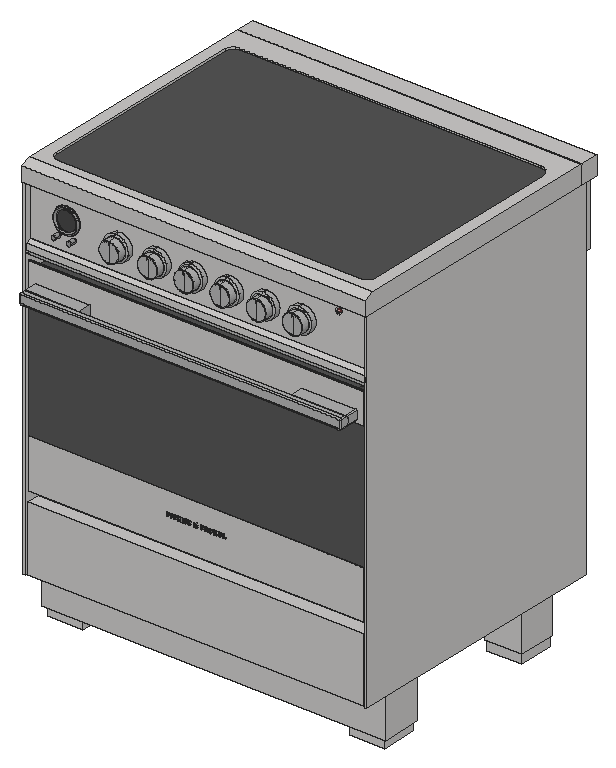
Revit family "FP_Revit_18_OR30SDI6X1_Range_90001010A", category Specialty Equipment, Revit 2018
Family settings
  Round Connector Dimension = Use Diameter
  Part Type = Normal
  OmniClass Number = 23.40.40.14.17.17
  OmniClass Title = Ranges
  Work Plane-Based = No
  Always vertical = Yes
  Cut with Voids When Loaded = Yes
  Shared = No
  Room Calculation Point = No
Parameters
  Visibility - Toe Kick Panel (Optional) = yes
  Visibility - Rear Trim 3"/76mm (Optional) = no
  Visibility - Rear Trim (Supplied) = yes
  Visibility - Clearance Required = yes
  Visibility - Adjustable Feet Covers = yes
  URL = "www.fisherpaykel.com"
  Product - Width = 759 mm  # constant formula
  Product - Height = 915 mm  # constant formula
  Product - Depth = 679.1 mm  # constant formula
  Optional - Toe Kick Panel = "KICKOR30X1"
  Optional - Rear Trim = "TKOR306X1"
  Model = "OR30SDI6X1"
  Material - Trim = Fisher & Paykel - Steel, Chrome Plated
  Material - Handle = Fisher & Paykel - Aluminium
  Material - Glass = Fisher & Paykel - Glass, Black
  Material - Door Front = Fisher & Paykel - Stainless Steel
  Material - Cooktop = Fisher & Paykel - Glass, Black
  Material - Buttons and Dials = Fisher & Paykel - Aluminium
  Material - Body = Fisher & Paykel - Stainless Steel
  Manufacturer = "Fisher & Paykel Appliances"
  Keynote = ""
  Description = "30\" Contemporary Freestanding Induction Range (Stainless)"
  Countertop Height (min 908mm - max 933mm) = 915 mm
  Connector Description - Electrical = "120/208 V or 120/240 V, 60 Hz, 40 A, *NEC Calculated load (50 A, Fused electrical supply)"
  Clearance - Side Non-Combustible = 0 mm  # constant formula
  Clearance - Side Combustible = 50 mm  # constant formula
  Clearance - Rear Non-Combustible = 0 mm  # constant formula
  Clearance - Rear Combustible = 50 mm  # constant formula
  Clearance - Overhead Rangehood = 610 mm  # constant formula
  Clearance - Overhead Non-Combustible = 610 mm  # constant formula
  Clearance - Overhead Combustible = 762 mm  # constant formula
  Chassis - Width = 759 mm  # constant formula
  Chassis - Height = 816 mm  # constant formula
  Chassis - Depth = 638 mm  # constant formula
  Cavity - Width = 762 mm  # constant formula
  Cavity - Height = 0 mm  # constant formula
  Cavity - Depth = 641 mm  # constant formula
Reference planes
  plane 1 "Datum": y = 0
  plane 2: z = 0
  plane 3 "Center (Left/Right)": x = 0
  plane 4 "Product Height": z = 923
  plane 5 "Product LHS": x = -379.5
  plane 6 "Product RHS": x = 379.5
  plane 7 "Cavity LHS": x = -381
  plane 8 "Cavity RHS": x = 381
  plane 9 "Product Depth": y = 638
  plane 10 "Cavity Depth": y = 641
  plane 11 "Dials": z = 820.4
  plane 12 "Countertop Height": z = 915
Forms (mm)
  Extrusion 1, solid, material "Fisher & Paykel - Stainless Steel" <- "Material - Body"
    sketch origin (0, 0, 0) x (0, 1, 0) y (0, 0, 1)
      loop
        line (50.7, 883) -> (50.7, 107) -> (603, 107) -> (603, 883) -> (50.7, 883)
    from -374 to 374
  Extrusion 2, solid, material "Fisher & Paykel - Stainless Steel" <- "Material - Body"
    sketch origin (0, 0, 0) x (0, 1, 0) y (0, 0, 1)
      loop
        line (12.5, 883) -> (12.5, 768) -> (50.7, 768) -> (50.7, 883) -> (12.5, 883)
    from -374 to 374
  Extrusion 3, solid, material "Fisher & Paykel - Stainless Steel" <- "Material - Body"
    sketch origin (0, 0, 0) x (0, 1, 0) y (0, 0, 1)
      loop
        line (32, 250.4) -> (2, 250.4) -> (2, 107) -> (32, 107) -> (32, 250.4)
    from -370 to 370
  Extrusion 4, solid, material "Fisher & Paykel - Clearance Required", visible <- "Visibility - Clearance Required", detail levels coarse
    sketch origin (0, 0, 0) x (0, 1, 0) y (0, 0, 1)
      loop
        line (0, 273.2) -> (0, 727.091)
        arc (0, 727.091) -> (-320.949, 594.149) -> (-453.891, 273.2) r 453.891
        line (-453.891, 273.2) -> (0, 273.2)
    from -381 to 381
  Extrusion 5, solid, material "Fisher & Paykel - Clearance Required", visible <- "Visibility - Clearance Required", detail levels coarse
    sketch origin (0, 0, 0) x (0, 1, 0) y (0, 0, 1)
      loop
        line (641, 0) -> (641, 923) -> (0, 923) -> (0, 0) -> (641, 0)
    from -381 to 381
  Extrusion 6, solid, material "Fisher & Paykel - Clearance Required (Combustible)", visible <- "Visibility - Clearance Required", detail levels coarse
    sketch origin (0, 0, 0) x (1, 0, 0) y (0, 1, 0)
      loop
        line (-381, 0) -> (-381, 641) -> (381, 641) -> (381, 0) -> (431, 0) -> (431, 691) -> (-431, 691) -> (-431, 0) -> (-381, 0)
    from 923 to 1380
  Extrusion 7, solid, material "Fisher & Paykel - Clearance Required (Non-Combustible)", visible <- "Visibility - Clearance Required", detail levels coarse
    sketch origin (0, 0, 0) x (1, 0, 0) y (0, 1, 0)
      loop
        line (-381, 0) -> (381, 0) -> (381, 641) -> (-381, 641) -> (-381, 0)
    from 923 to 1533
  Extrusion 8, solid, material "Fisher & Paykel - Clearance Required (Combustible)", visible <- "Visibility - Clearance Required", detail levels coarse
    sketch origin (0, 0, 0) x (1, 0, 0) y (0, 1, 0)
      loop
        line (381, 641) -> (-381, 641) -> (-381, 0) -> (381, 0) -> (381, 641)
    from 1533 to 1685
  Extrusion 9, solid, material "Fisher & Paykel - Clearance Required (Combustible)", visible <- "Visibility - Clearance Required", detail levels coarse
    sketch origin (0, 0, 0) x (1, 0, 0) y (0, 1, 0)
      loop
        line (-431, 0) -> (-381, 0) -> (-381, 311) -> (-431, 311) -> (-431, 0)
      loop
        line (431, 0) -> (431, 311) -> (381, 311) -> (381, 0) -> (431, 0)
    from 1685 to 1380
  Extrusion 10, solid, material "Fisher & Paykel - Stainless Steel" <- "Material - Body"
    sketch origin (0, 0, 0) x (0, 1, 0) y (0, 0, 1)
      loop
        line (0, 883) -> (0, 107) -> (603, 107) -> (603, 883) -> (0, 883)
    from 374 to 379.5
  Extrusion 11, solid, material "Fisher & Paykel - Stainless Steel" <- "Material - Body"
    sketch origin (0, 0, 0) x (0, 1, 0) y (0, 0, 1)
      loop
        line (0, 883) -> (0, 107) -> (603, 107) -> (603, 883) -> (0, 883)
    from -379.5 to -374
  Extrusion 12, solid, material "Fisher & Paykel - Stainless Steel" <- "Material - Body"
    sketch origin (0, 0, 0) x (0, 1, 0) y (0, 0, 1)
      loop
        line (1.349, 748) -> (50.7, 748) -> (50.7, 768) -> (12.5, 768) -> (1.349, 761.562) -> (1.349, 748)
    from -374 to 374
  Extrusion 13, solid, material "Fisher & Paykel - Steel, Chrome Plated" <- "Material - Trim", detail levels fine
    sketch origin (0, 0, 0) x (0, 1, 0) y (0, 0, 1)
      loop
        line (1.349, 743.1) -> (1.349, 741.5) -> (50.7, 741.5) -> (50.7, 743.1) -> (1.349, 743.1)
    from -374 to 374
  Extrusion 14, solid, material "Fisher & Paykel - Stainless Steel" <- "Material - Body"
    sketch origin (0, 0, 0) x (0, 1, 0) y (0, 0, 1)
      loop
        line (-3, 914.9) -> (-3, 883) -> (592, 883) -> (592, 923) -> (17.048, 923) -> (-3, 914.9)
    from -379.5 to 379.5
  Extrusion 15, solid, material "Fisher & Paykel - Stainless Steel" <- "Material - Body", visible <- "Visibility - Adjustable Feet Covers"
    sketch origin (0, 0, 0) x (1, 0, 0) y (0, 1, 0)
      loop
        line (-292.2, 137.7) -> (-374, 137.7) -> (-374, 55.7) -> (-292.2, 55.7) -> (-292.2, 137.7)
      loop
        line (-292.2, 516) -> (-374, 516) -> (-374, 434.3) -> (-292.2, 434.3) -> (-292.2, 516)
      loop
        line (292.2, 137.7) -> (292.2, 55.7) -> (374, 55.7) -> (374, 137.7) -> (292.2, 137.7)
      loop
        line (292.2, 516) -> (292.2, 434.3) -> (374, 434.3) -> (374, 516) -> (292.2, 516)
    from 21.3 to 107
  Extrusion 16, solid, material "Fisher & Paykel - Stainless Steel" <- "Material - Body", visible <- "Visibility - Adjustable Feet Covers"
    sketch origin (0, 0, 0) x (1, 0, 0) y (0, 1, 0)
      loop
        line (-294.2, 514.3) -> (-372.3, 514.3) -> (-372.3, 436.2) -> (-294.2, 436.2) -> (-294.2, 514.3)
      loop
        line (-294.2, 135.8) -> (-372.3, 135.8) -> (-372.3, 57.7) -> (-294.2, 57.7) -> (-294.2, 135.8)
      loop
        line (294.2, 514.3) -> (294.2, 436.2) -> (372.3, 436.2) -> (372.3, 514.3) -> (294.2, 514.3)
      loop
        line (294.2, 135.8) -> (294.2, 57.7) -> (372.3, 57.7) -> (372.3, 135.8) -> (294.2, 135.8)
    from 0 to 21.3
  Extrusion 17, solid, material "Fisher & Paykel - Stainless Steel" <- "Material - Body", visible <- "Visibility - Toe Kick Panel (Optional)"
    sketch origin (0, 0, 0) x (1, 0, 0) y (0, 1, 0)
      loop
        line (-374, 137.7) -> (-379.5, 137.7) -> (-379.5, 50.7) -> (379.5, 50.7) -> (379.5, 137.7) -> (374, 137.7) -> (374, 55.7) -> (-374, 55.7) -> (-374, 137.7)
    from 21.3 to 107
  Extrusion 18, solid, material "Fisher & Paykel - Glass, Black"
    sketch origin (0, 0, 0) x (1, 0, 0) y (0, 0, 1)
      loop
        line (-370, 272.4) -> (370, 272.4) -> (370, 727.6) -> (-370, 727.6) -> (-370, 272.4)
    from -8.9 to -4.9
  Extrusion 19, solid, material "Fisher & Paykel - Glass, Black"
    sketch origin (0, 0, 0) x (0, 1, 0) y (0, 0, 1)
      loop
        line (8.9, 725.037) -> (8.9, 272.4) -> (50.7, 272.4) -> (50.7, 720.644) -> (8.9, 725.037)
    from -350 to 350
  Extrusion 20, void
    sketch origin (0, 0, 0) x (1, 0, 0) y (0, 1, 0)
      loop
        arc (-333.8, 543) -> (-347.942, 537.142) -> (-353.8, 523) r 20
        line (-353.8, 523) -> (-353.8, 58.351)
        arc (-353.8, 58.351) -> (-347.942, 44.209) -> (-333.8, 38.351) r 20
        line (-333.8, 38.351) -> (333.8, 38.351)
        arc (333.8, 38.351) -> (347.942, 44.209) -> (353.8, 58.351) r 20
        line (353.8, 58.351) -> (353.8, 516.8)
        arc (353.8, 516.8) -> (346.126, 535.326) -> (327.6, 543) r 26.2
        line (327.6, 543) -> (-333.8, 543)
    from 883 to 923
  Extrusion 21, solid, material "Fisher & Paykel - Stainless Steel" <- "Material - Body", visible <- "Visibility - Rear Trim (Supplied)"
    sketch origin (0, 0, 0) x (0, 1, 0) y (0, 0, 1)
      loop
        line (592, 923) -> (592, 883) -> (633, 883) -> (633, 923) -> (592, 923)
    from -379.5 to 379.5
  Extrusion 22, void
    sketch origin (0, 0, 0) x (1, 0, 0) y (0, 0, 1)
      loop
        line (293.3, 307) -> (293.3, 155.9) -> (-366.5, 155.9) -> (-366.5, 99) -> (366.5, 99) -> (366.5, 307) -> (293.3, 307)
    from -603 to -528
  Extrusion 23, solid, material "Fisher & Paykel - Stainless Steel" <- "Material - Body", detail levels fine
    sketch origin (0, 0, 0) x (1, 0, 0) y (0, 1, 0)
      loop
        line (-205.048, 573.322) -> (-205.048, 537.488) -> (-155.824, 537.488) -> (-155.824, 573.322) -> (-205.048, 573.322)
    from 143.4 to 155.9
  Extrusion 24, solid, material "Fisher & Paykel - Stainless Steel" <- "Material - Body", detail levels medium+fine
    sketch origin (0, 0, 0) x (1, 0, 0) y (0, 1, 0)
      loop
        circle (-149.108, 543.3) r 6
    from 113 to 155.9
  Extrusion 25, solid, material "Fisher & Paykel - Stainless Steel" <- "Material - Body"
    sketch origin (0, 0, 0) x (1, 0, 0) y (0, 0, 1)
      loop
        circle (-358, 897) r 4.009
      loop
        circle (-358, 897) r 7.491
      loop
        circle (358, 897) r 4.009
      loop
        circle (358, 897) r 7.491
    from -638 to -633
  Extrusion 26, solid, material "Fisher & Paykel - Stainless Steel" <- "Material - Body"
    sketch origin (0, 0, 0) x (1, 0, 0) y (0, 0, 1)
      loop
        line (365.45, 732) -> (365.45, 883) -> (-365.45, 883) -> (-365.45, 732) -> (365.45, 732)
    from -633 to -603
  Extrusion 27, solid, material "Fisher & Paykel - Stainless Steel" <- "Material - Body"
    sketch origin (0, 0, 0) x (0, 1, 0) y (0, 0, 1)
      loop
        line (641, 159) -> (634.5, 159) -> (603.768, 13.3) -> (486.3, 13.3) -> (486.3, 0) -> (641, 0) -> (641, 159)
    from -27 to 27
  Extrusion 28, solid, material "Fisher & Paykel - Stainless Steel" <- "Material - Body"
    sketch origin (0, 0, 0) x (1, 0, 0) y (0, 1, 0)
      loop
        circle (0, 514.362) r 4.977
    from 13.3 to 50.9
  Extrusion 29, solid, material "Fisher & Paykel - Stainless Steel" <- "Material - Body", visible <- "Visibility - Rear Trim 3"/76mm (Optional)"
    sketch origin (0, 0, 0) x (0, 1, 0) y (0, 0, 1)
      loop
        line (633, 883) -> (633, 999) -> (581.8, 999) -> (581.8, 923) -> (592, 923) -> (592, 883) -> (633, 883)
    from -379.5 to 379.5
  Extrusion 30, solid, material "Fisher & Paykel - Stainless Steel" <- "Material - Body"
    sketch origin (0, 0, 0) x (1, 0, 0) y (0, 1, 0)
      loop
        circle (-333.1, 96.6) r 25
      loop
        circle (-333.15, 475.15) r 25
      loop
        circle (333.1, 96.6) r 25
      loop
        circle (333.15, 475.15) r 25
    from 0 to 107
  Extrusion 31, solid, material "Fisher & Paykel - Stainless Steel" <- "Material - Body"
    sketch origin (0, 0, 0) x (0, 1, 0) y (0, 0, 1)
      loop
        line (528, 107) -> (509.5, 107) -> (509.5, 50.9) -> (528, 50.9) -> (528, 107)
    from -27 to 27
  Revolve 32, void
    sketch origin (308.5, 0, 0) x (0, 1, 0) y (0, 0, 1)
      loop
        line (14.44, 867.737) -> (12.5, 869.677) -> (12.5, 862.456) -> (19.44, 862.456) -> (19.44, 867.737) -> (14.44, 867.737)
      axis (19.44, 862.456) -> (12.5, 862.456)
    angle from 0 to 360
  Extrusion 33, solid, material "Fisher & Paykel - Bezel Red", detail levels medium+fine
    sketch origin (0, 0, 0) x (1, 0, 0) y (0, 0, 1)
      loop
        circle (308.5, 862.456) r 5.281
    from -19.44 to -14.44
  Extrusion 34, solid, material "Fisher & Paykel - Stainless Steel" <- "Material - Door Front"
    sketch origin (0, 0, 0) x (0, 1, 0) y (0, 0, 1)
      loop
        line (3, 727.6) -> (3, 661.7) -> (4.9, 661.7) -> (4.9, 727.6) -> (3, 727.6)
      loop
        line (3, 380.5) -> (3, 272.4) -> (4.9, 272.4) -> (4.9, 380.5) -> (3, 380.5)
    from -370 to 370
  Extrusion 35, solid, material "Fisher & Paykel - Glass, Black" <- "Material - Cooktop"
    sketch origin (0, 0, 0) x (1, 0, 0) y (0, 1, 0)
      loop
        arc (-333.8, 543) -> (-347.942, 537.142) -> (-353.8, 523) r 20
        line (-353.8, 523) -> (-353.8, 58.351)
        arc (-353.8, 58.351) -> (-347.942, 44.209) -> (-333.8, 38.351) r 20
        line (-333.8, 38.351) -> (333.8, 38.351)
        arc (333.8, 38.351) -> (347.942, 44.209) -> (353.8, 58.351) r 20
        line (353.8, 58.351) -> (353.8, 523)
        arc (353.8, 523) -> (347.942, 537.142) -> (333.8, 543) r 20
        line (333.8, 543) -> (-333.8, 543)
    from 883 to 920
  Extrusion 36, void
    sketch origin (0, 0, 0) x (0, 1, 0) y (0, 0, 1)
      loop
        line (641, 0) -> (641, 923) -> (-40, 923) -> (-40, 0) -> (641, 0)
    from -381 to 381
Cuts and joins
  Extrusion 20, Extrusion 22 cuts Extrusion 1
  Extrusion 20, Revolve 32 cuts Extrusion 5
  Extrusion 20 cuts Extrusion 15
  Extrusion 20 cuts Extrusion 16
  Extrusion 20 cuts Extrusion 17
  Extrusion 20 cuts Extrusion 14
  Revolve 32 cuts Extrusion 2
Lines and regions (mm)
  model lines
    curve 1: line (0, -18.2, 820.4) -> (0, 96.8, 820.4)
Text (mm)
  text "Due to ongoing product development, product details are subject to change without notice. \nPlease always refer to www.fisherpaykel.com for the most current product information. \n© Fisher & Paykel 2020" at (41.04, -532.712, 0), in view "Ref. Level (Plan)"
Dimensions and locks
  equal spacing: plane 5 "Product LHS", plane 3 "Center (Left/Right)", plane 6 "Product RHS"
  "Product - Width": plane 5 "Product LHS" to plane 6 "Product RHS"
  equal spacing: plane 7 "Cavity LHS", plane 3 "Center (Left/Right)", plane 8 "Cavity RHS"
  "Cavity - Width": plane 7 "Cavity LHS" to plane 8 "Cavity RHS"
  locked: plane 4 "Product Height" to nested 1 at 592.497
  "Chassis - Depth": plane 1 "Datum" to plane 9 "Product Depth"
  "Cavity - Depth": plane 1 "Datum" to plane 10 "Cavity Depth"
  "Clearance - Side Combustible": Extrusion 6 sketch curve to Extrusion 5
  "Clearance - Side Combustible": Extrusion 5 to Extrusion 6 sketch curve
  "Clearance - Rear Combustible": plane 10 "Cavity Depth" to Extrusion 6 sketch curve
  Extrusion 6 to plane 4 "Product Height" = 457 mm
  Extrusion 7 to plane 4 "Product Height" = 610 mm
  Extrusion 8 to plane 4 "Product Height" = 762 mm
  Extrusion 9 sketch curve to plane 10 "Cavity Depth" = 330 mm
  "Clearance - Side Combustible": Extrusion 8 to Extrusion 6
  "Clearance - Side Combustible": Extrusion 6 to Extrusion 8
  "Clearance - Rear Combustible": Extrusion 6 to Extrusion 8
  locked: Extrusion 6 to plane 4 "Product Height" at 457
  "Clearance - Overhead Combustible": Extrusion 8 to plane 4 "Product Height"
  Extrusion 9 to Extrusion 8 = 330 mm
  locked: plane 4 "Product Height" to Extrusion 10 at 40
  Extrusion 15 sketch curve to plane 6 "Product RHS" = 87.3 mm
  plane 5 "Product LHS" to Extrusion 15 sketch curve = 87.3 mm
  locked: plane 5 "Product LHS" to Extrusion 11 at 5.5
  locked: Extrusion 10 to plane 6 "Product RHS" at 5.5
  locked: plane 4 "Product Height" to Extrusion 10 at 816
  locked: plane 4 "Product Height" to Extrusion 3 at 672.6  (x2)
  locked: plane 4 "Product Height" to Extrusion 12 at 175
  locked: plane 4 "Product Height" to Extrusion 12 at 155
  equal spacing: cut or joined group of Extrusion 14, Extrusion 20, plane 3 "Center (Left/Right)", cut or joined group of Extrusion 14, Extrusion 20
  plane 4 "Product Height" to Extrusion 26 = 191 mm
  locked: Extrusion 6 to plane 11 "Dials" at 102.6
  locked: nested 8 to plane 11 "Dials" at 10.019
  locked: plane 4 "Product Height" to Extrusion 13 at 179.9
  Extrusion 12 to plane 4 "Product Height" = 175 mm
  locked: Extrusion 26 to plane 4 "Product Height" at 191
  locked: plane 4 "Product Height" to cut or joined group of Extrusion 1, Extrusion 20, Extrusion 22 at 616
  locked: plane 4 "Product Height" to plane 11 "Dials" at 102.6
  plane 4 "Product Height" to Extrusion 10 = 816 mm
  locked: Extrusion 19 to plane 4 "Product Height" at 650.6
  locked: cut or joined group of Extrusion 1, Extrusion 20, Extrusion 22 to plane 11 "Dials" at 713.4
  locked: cut or joined group of Extrusion 1, Extrusion 20, Extrusion 22 to cut or joined group of Extrusion 1, Extrusion 20, Extrusion 22 at 48.9
  locked: cut or joined group of Extrusion 1, Extrusion 20, Extrusion 22 to Extrusion 23 at 163.6
  locked: cut or joined group of Extrusion 1, Extrusion 20, Extrusion 22 to Extrusion 24 at 194
  Extrusion 8 to Extrusion 9 = 311 mm
  locked: cut or joined group of Extrusion 17, Extrusion 20 to Extrusion 10 at 85.7
  cut or joined group of Extrusion 15, Extrusion 20 to Extrusion 10 = 85.7 mm
  Extrusion 10 to Extrusion 4 = 166.2 mm
  locked: Extrusion 10 to Extrusion 4 at 166.2
  Extrusion 21 to plane 4 "Product Height" = 0 mm
  locked: plane 4 "Product Height" to plane 12 "Countertop Height" at 8
  "Countertop Height (min 908mm - max 933mm)": level to plane 12 "Countertop Height"
  locked: Extrusion 27 to level at 159
  locked: Extrusion 31 to Extrusion 10 at 56.1
  locked: plane 4 "Product Height" to nested 9 at 234.693
  locked: nested 7 to plane 11 "Dials" at 27.732
  locked: nested 6 to plane 11 "Dials" at 27.732
  locked: nested 5 to plane 11 "Dials" at 27.732
  locked: nested 4 to plane 11 "Dials" at 27.732
  locked: nested 3 to plane 11 "Dials" at 27.732
  locked: nested 2 to plane 11 "Dials" at 27.732
  locked: plane 4 "Product Height" to Extrusion 34 at 542.5
  locked: Extrusion 34 to plane 4 "Product Height" at 261.3
  locked: Extrusion 18 to plane 4 "Product Height" at 650.6
  locked: plane 4 "Product Height" to Extrusion 35 at 3
  locked: plane 4 "Product Height" to Extrusion 35 at 40
  "Clearance - Overhead Non-Combustible": Extrusion 6 to Extrusion 8
  "Product - Depth": nested 9 to plane 9 "Product Depth"
  aligned and locked: level to plane 2
  aligned and locked: Extrusion 5 sketch curve to plane 4 "Product Height"
  aligned and locked: Extrusion 5 to plane 8 "Cavity RHS"
  aligned and locked: Extrusion 5 to plane 7 "Cavity LHS"
  aligned and locked: Extrusion 6 sketch curve to plane 8 "Cavity RHS"
  aligned and locked: Extrusion 6 sketch curve to plane 7 "Cavity LHS"
  aligned and locked: Extrusion 5 to Extrusion 7 sketch curve
  aligned and locked: Extrusion 8 sketch curve to Extrusion 5
  aligned and locked: Extrusion 5 to Extrusion 8 sketch curve
  aligned and locked: Extrusion 9 sketch curve to Extrusion 9 sketch curve
  aligned and locked: Extrusion 5 to Extrusion 9 sketch curve
  aligned and locked: Extrusion 2 to cut or joined group of Extrusion 1, Extrusion 20, Extrusion 22
  aligned and locked: cut or joined group of Extrusion 1, Extrusion 20, Extrusion 22 to Extrusion 2
  aligned and locked: Extrusion 10 sketch curve to plane 1 "Datum"
  aligned and locked: Extrusion 10 to plane 6 "Product RHS"
  aligned and locked: plane 5 "Product LHS" to Extrusion 11
  aligned and locked: cut or joined group of Extrusion 1, Extrusion 20, Extrusion 22 to Extrusion 15 sketch curve  (x2)
  aligned and locked: Extrusion 15 sketch curve to cut or joined group of Extrusion 1, Extrusion 20, Extrusion 22
  aligned and locked: Extrusion 15 sketch curve to Extrusion 15 sketch curve
  aligned and locked: Extrusion 2 to Extrusion 11
  aligned and locked: Extrusion 2 to Extrusion 12
  aligned and locked: Extrusion 2 to Extrusion 13
  aligned and locked: Extrusion 2 to Extrusion 10
  aligned and locked: Extrusion 12 to Extrusion 2
  aligned and locked: Extrusion 13 to Extrusion 2
  aligned and locked: Extrusion 15 to cut or joined group of Extrusion 1, Extrusion 20, Extrusion 22
  aligned and locked: Extrusion 3 to cut or joined group of Extrusion 1, Extrusion 20, Extrusion 22
  aligned and locked: Extrusion 16 to level
  aligned and locked: Extrusion 16 to Extrusion 15
  aligned and locked: plane 5 "Product LHS" to Extrusion 17 sketch curve
  aligned and locked: Extrusion 17 sketch curve to cut or joined group of Extrusion 1, Extrusion 20, Extrusion 22  (x2)
  aligned and locked: Extrusion 17 sketch curve to Extrusion 15
  aligned and locked: Extrusion 17 sketch curve to Extrusion 2
  aligned and locked: Extrusion 17 sketch curve to plane 6 "Product RHS"
  aligned and locked: Extrusion 17 to cut or joined group of Extrusion 1, Extrusion 20, Extrusion 22
  aligned and locked: plane 4 "Product Height" to Extrusion 20
  aligned and locked: Extrusion 21 to plane 6 "Product RHS"
  aligned and locked: plane 5 "Product LHS" to Extrusion 21
  aligned and locked: Extrusion 25 to plane 9 "Product Depth"
  aligned and locked: Extrusion 4 to plane 8 "Cavity RHS"
  aligned and locked: plane 7 "Cavity LHS" to Extrusion 4
  aligned and locked: Extrusion 11 to cut or joined group of Extrusion 1, Extrusion 20, Extrusion 22
  aligned and locked: Extrusion 17 to cut or joined group of Extrusion 15, Extrusion 20
  aligned and locked: cut or joined group of Extrusion 1, Extrusion 20, Extrusion 22 to Extrusion 23
  aligned and locked: cut or joined group of Extrusion 1, Extrusion 20, Extrusion 22 to Extrusion 24
  aligned and locked: Extrusion 7 to plane 10 "Cavity Depth"
  aligned and locked: Extrusion 6 sketch curve to plane 10 "Cavity Depth"
  aligned and locked: Extrusion 14 to plane 5 "Product LHS"
  aligned and locked: Extrusion 14 to plane 6 "Product RHS"
  aligned and locked: Extrusion 28 to Extrusion 27
  aligned and locked: Extrusion 21 to cut or joined group of Extrusion 1, Extrusion 20, Extrusion 22
  aligned and locked: Extrusion 2 to Extrusion 21
  aligned and locked: Extrusion 26 to Extrusion 21
  aligned and locked: plane 5 "Product LHS" to Extrusion 29
  aligned and locked: Extrusion 30 to level
  aligned and locked: Extrusion 30 to cut or joined group of Extrusion 1, Extrusion 20, Extrusion 22
  aligned and locked: Extrusion 28 to Extrusion 31
  aligned and locked: Extrusion 7 to plane 4 "Product Height"
  aligned and locked: Extrusion 9 to Extrusion 6  (x2)
  aligned and locked: Extrusion 8 to Extrusion 9
  aligned and locked: Extrusion 5 to level
  aligned and locked: Extrusion 35 to cut or joined group of Extrusion 5, Extrusion 20, Revolve 32
  aligned and locked: Extrusion 7 to Extrusion 8
  aligned and locked: Extrusion 6 to Extrusion 9
Automatic sketch dimensions
  plane 11 "Dials" to curve 1 = 0 mm
  plane 1 "Datum" to curve 1 = 18.2 mm
  curve 1 to plane 1 "Datum" = 96.8 mm
  Extrusion 1 sketch curve to plane 1 "Datum" = 50.7 mm
  plane 9 "Product Depth" to Extrusion 1 sketch curve = 35 mm
  level to Extrusion 1 sketch curve = 107 mm
  plane 12 "Countertop Height" to Extrusion 1 sketch curve = 32 mm
  Extrusion 2 sketch curve to plane 1 "Datum" = 12.5 mm
  Extrusion 2 sketch curve to Extrusion 2 sketch curve = 38.2 mm
  plane 11 "Dials" to Extrusion 2 sketch curve = 52.4 mm
  plane 12 "Countertop Height" to Extrusion 2 sketch curve = 32 mm
  Extrusion 3 sketch curve to plane 1 "Datum" = 2 mm
  Extrusion 3 sketch curve to Extrusion 3 sketch curve = 30 mm
  level to Extrusion 3 sketch curve = 107 mm
  Extrusion 3 sketch curve to Extrusion 3 sketch curve = 143.4 mm
  Extrusion 4 sketch curve to plane 1 "Datum" = 0 mm
  plane 1 "Datum" to Extrusion 4 sketch curve = 453.891 mm
  level to Extrusion 4 sketch curve = 273.2 mm
  Extrusion 5 sketch curve to level = 0 mm
  Extrusion 5 sketch curve to plane 1 "Datum" = 0 mm
  Extrusion 5 sketch curve to plane 10 "Cavity Depth" = 0 mm
  Extrusion 7 sketch curve to plane 8 "Cavity RHS" = 0 mm
  plane 1 "Datum" to Extrusion 7 sketch curve = 0 mm
  plane 10 "Cavity Depth" to Extrusion 7 sketch curve = 0 mm
  Extrusion 8 sketch curve to plane 7 "Cavity LHS" = 0 mm
  plane 1 "Datum" to Extrusion 8 sketch curve = 0 mm
  plane 1 "Datum" to Extrusion 9 sketch curve = 0 mm  (x2)
  Extrusion 9 sketch curve to plane 7 "Cavity LHS" = 0 mm
  plane 7 "Cavity LHS" to Extrusion 9 sketch curve = 50 mm
  Extrusion 9 sketch curve to plane 8 "Cavity RHS" = 50 mm
  plane 9 "Product Depth" to Extrusion 10 sketch curve = 35 mm
  level to Extrusion 10 sketch curve = 107 mm
  plane 12 "Countertop Height" to Extrusion 10 sketch curve = 32 mm
  Extrusion 11 sketch curve to plane 1 "Datum" = 0 mm
  plane 9 "Product Depth" to Extrusion 11 sketch curve = 35 mm
  level to Extrusion 11 sketch curve = 107 mm
  plane 12 "Countertop Height" to Extrusion 11 sketch curve = 32 mm
  Extrusion 12 sketch curve to plane 1 "Datum" = 1.349 mm
  Extrusion 12 sketch curve to plane 1 "Datum" = 12.5 mm
  Extrusion 12 sketch curve to Extrusion 12 sketch curve = 38.2 mm
  plane 11 "Dials" to Extrusion 12 sketch curve = 72.4 mm
  Extrusion 12 sketch curve to Extrusion 12 sketch curve = 13.562 mm
  Extrusion 12 sketch curve to Extrusion 12 sketch curve = 6.438 mm
  Extrusion 13 sketch curve to plane 1 "Datum" = 1.349 mm
  Extrusion 13 sketch curve to Extrusion 13 sketch curve = 49.351 mm
  plane 11 "Dials" to Extrusion 13 sketch curve = 78.9 mm
  Extrusion 13 sketch curve to Extrusion 13 sketch curve = 1.6 mm
  Extrusion 14 sketch curve to plane 4 "Product Height" = 0 mm
  plane 12 "Countertop Height" to Extrusion 14 sketch curve = 0.1 mm
  plane 1 "Datum" to Extrusion 14 sketch curve = 3 mm
  Extrusion 14 sketch curve to plane 1 "Datum" = 17.048 mm
  plane 9 "Product Depth" to Extrusion 14 sketch curve = 46 mm
  plane 12 "Countertop Height" to Extrusion 14 sketch curve = 32 mm
  Extrusion 15 sketch curve to Extrusion 15 sketch curve = 81.8 mm  (x2)
  Extrusion 15 sketch curve to plane 1 "Datum" = 55.7 mm  (x2)
  Extrusion 15 sketch curve to Extrusion 15 sketch curve = 82 mm  (x2)
  plane 9 "Product Depth" to Extrusion 15 sketch curve = 203.7 mm  (x2)
  Extrusion 15 sketch curve to Extrusion 15 sketch curve = 81.7 mm  (x2)
  Extrusion 16 sketch curve to plane 5 "Product LHS" = 7.2 mm  (x2)
  Extrusion 16 sketch curve to Extrusion 16 sketch curve = 78.1 mm  (x6)
  plane 6 "Product RHS" to Extrusion 16 sketch curve = 85.3 mm  (x2)
  plane 6 "Product RHS" to Extrusion 16 sketch curve = 7.2 mm  (x2)
  Extrusion 16 sketch curve to plane 1 "Datum" = 57.7 mm  (x2)
  plane 9 "Product Depth" to Extrusion 16 sketch curve = 201.8 mm  (x2)
  Extrusion 17 sketch curve to Extrusion 17 sketch curve = 82 mm  (x2)
  Extrusion 18 sketch curve to plane 5 "Product LHS" = 9.5 mm
  plane 6 "Product RHS" to Extrusion 18 sketch curve = 9.5 mm
  level to Extrusion 18 sketch curve = 272.4 mm
  plane 11 "Dials" to Extrusion 18 sketch curve = 92.8 mm
  Extrusion 19 sketch curve to plane 1 "Datum" = 8.9 mm
  Extrusion 19 sketch curve to Extrusion 19 sketch curve = 41.8 mm
  level to Extrusion 19 sketch curve = 272.4 mm
  plane 11 "Dials" to Extrusion 19 sketch curve = 99.756 mm
  Extrusion 19 sketch curve to Extrusion 19 sketch curve = 4.393 mm
  Extrusion 20 sketch curve to plane 5 "Product LHS" = 25.7 mm
  Extrusion 20 sketch curve to Extrusion 20 sketch curve = 20 mm  (x2)
  plane 6 "Product RHS" to Extrusion 20 sketch curve = 51.9 mm
  plane 6 "Product RHS" to Extrusion 20 sketch curve = 45.7 mm
  plane 6 "Product RHS" to Extrusion 20 sketch curve = 25.7 mm
  Extrusion 20 sketch curve to plane 1 "Datum" = 38.351 mm
  plane 9 "Product Depth" to Extrusion 20 sketch curve = 121.2 mm
  Extrusion 21 sketch curve to plane 4 "Product Height" = 0 mm
  plane 9 "Product Depth" to Extrusion 21 sketch curve = 46 mm
  plane 9 "Product Depth" to Extrusion 21 sketch curve = 5 mm
  plane 12 "Countertop Height" to Extrusion 21 sketch curve = 32 mm
  Extrusion 22 sketch curve to plane 5 "Product LHS" = 13 mm
  plane 6 "Product RHS" to Extrusion 22 sketch curve = 86.2 mm
  plane 6 "Product RHS" to Extrusion 22 sketch curve = 13 mm
  level to Extrusion 22 sketch curve = 99 mm
  Extrusion 22 sketch curve to Extrusion 22 sketch curve = 56.9 mm
  Extrusion 22 sketch curve to Extrusion 22 sketch curve = 151.1 mm
  Extrusion 23 sketch curve to plane 5 "Product LHS" = 174.452 mm
  Extrusion 23 sketch curve to Extrusion 23 sketch curve = 49.224 mm
  plane 9 "Product Depth" to Extrusion 23 sketch curve = 100.512 mm
  Extrusion 23 sketch curve to Extrusion 23 sketch curve = 35.835 mm
  Extrusion 24 sketch curve to plane 3 "Center (Left/Right)" = 149.108 mm
  plane 9 "Product Depth" to Extrusion 24 sketch curve = 94.7 mm
  Extrusion 25 sketch curve to Extrusion 25 sketch curve = 0 mm  (x4)
  Extrusion 25 sketch curve to plane 5 "Product LHS" = 21.5 mm
  plane 6 "Product RHS" to Extrusion 25 sketch curve = 21.5 mm
  plane 12 "Countertop Height" to Extrusion 25 sketch curve = 18 mm  (x2)
  Extrusion 26 sketch curve to plane 5 "Product LHS" = 14.05 mm
  plane 6 "Product RHS" to Extrusion 26 sketch curve = 14.05 mm
  plane 11 "Dials" to Extrusion 26 sketch curve = 88.4 mm
  plane 12 "Countertop Height" to Extrusion 26 sketch curve = 32 mm
  Extrusion 27 sketch curve to level = 0 mm
  Extrusion 27 sketch curve to plane 10 "Cavity Depth" = 0 mm
  plane 9 "Product Depth" to Extrusion 27 sketch curve = 3.5 mm
  level to Extrusion 27 sketch curve = 13.3 mm
  plane 9 "Product Depth" to Extrusion 27 sketch curve = 34.232 mm
  Extrusion 27 sketch curve to Extrusion 27 sketch curve = 117.468 mm
  Extrusion 27 sketch curve to Extrusion 27 sketch curve = 145.7 mm
  Extrusion 28 sketch curve to plane 3 "Center (Left/Right)" = 0 mm
  plane 9 "Product Depth" to Extrusion 28 sketch curve = 123.638 mm
  Extrusion 29 sketch curve to plane 4 "Product Height" = 0 mm
  plane 9 "Product Depth" to Extrusion 29 sketch curve = 56.2 mm
  Extrusion 29 sketch curve to Extrusion 29 sketch curve = 10.2 mm
  plane 9 "Product Depth" to Extrusion 29 sketch curve = 5 mm
  plane 12 "Countertop Height" to Extrusion 29 sketch curve = 32 mm
  plane 4 "Product Height" to Extrusion 29 sketch curve = 76 mm
  Extrusion 30 sketch curve to plane 5 "Product LHS" = 46.35 mm
  Extrusion 30 sketch curve to plane 5 "Product LHS" = 46.4 mm
  plane 6 "Product RHS" to Extrusion 30 sketch curve = 46.4 mm
  plane 6 "Product RHS" to Extrusion 30 sketch curve = 46.35 mm
  Extrusion 30 sketch curve to plane 1 "Datum" = 96.6 mm  (x2)
  plane 9 "Product Depth" to Extrusion 30 sketch curve = 162.85 mm  (x2)
  plane 9 "Product Depth" to Extrusion 31 sketch curve = 128.5 mm
  Extrusion 31 sketch curve to Extrusion 31 sketch curve = 18.5 mm
  level to Extrusion 31 sketch curve = 50.9 mm
  Extrusion 31 sketch curve to Extrusion 31 sketch curve = 56.1 mm
  Revolve 32 sketch curve to plane 1 "Datum" = 12.5 mm
  Revolve 32 sketch curve to Revolve 32 sketch curve = 1.94 mm  (x2)
  Revolve 32 sketch curve to Revolve 32 sketch curve = 5 mm
  Revolve 32 sketch curve to plane 11 "Dials" = 42.056 mm
  Revolve 32 sketch curve to Revolve 32 sketch curve = 5.281 mm
  Revolve 32 sketch curve to Revolve 32 sketch curve = 3.206 mm
  Revolve 32 sketch curve to Revolve 32 sketch curve = 0 mm  (x2)
  plane 6 "Product RHS" to Extrusion 33 sketch curve = 71 mm
  Extrusion 33 sketch curve to plane 11 "Dials" = 42.056 mm
  Extrusion 34 sketch curve to plane 1 "Datum" = 3 mm  (x2)
  Extrusion 34 sketch curve to Extrusion 34 sketch curve = 1.9 mm  (x2)
  level to Extrusion 34 sketch curve = 272.4 mm
  Extrusion 34 sketch curve to Extrusion 34 sketch curve = 108.1 mm
  plane 11 "Dials" to Extrusion 34 sketch curve = 158.7 mm
  Extrusion 34 sketch curve to Extrusion 34 sketch curve = 65.9 mm
  Extrusion 35 sketch curve to plane 5 "Product LHS" = 25.7 mm
  Extrusion 35 sketch curve to Extrusion 35 sketch curve = 20 mm  (x3)
  plane 6 "Product RHS" to Extrusion 35 sketch curve = 45.7 mm  (x2)
  Extrusion 35 sketch curve to plane 1 "Datum" = 38.351 mm
  plane 9 "Product Depth" to Extrusion 35 sketch curve = 115 mm
  Extrusion 36 sketch curve to level = 0 mm
  plane 1 "Datum" to Extrusion 36 sketch curve = 40 mm
  Extrusion 36 sketch curve to plane 4 "Product Height" = 0 mm
  Extrusion 36 sketch curve to plane 10 "Cavity Depth" = 0 mm
  plane 1 "Datum" to Extrusion 6 sketch curve = 0 mm  (x2)
  radius of Extrusion 24 sketch curve = 6 mm
  radius of Extrusion 25 sketch curve = 4.009 mm  (x2)
  radius of Extrusion 25 sketch curve = 7.491 mm  (x2)
  radius of Extrusion 28 sketch curve = 4.977 mm
  radius of Extrusion 30 sketch curve = 25 mm  (x4)
  radius of Extrusion 33 sketch curve = 5.281 mm
Nested families
  nested 1: "F&P Logo 130mm" at (0, 2.9, 330.503), type "F&P Logo 130mm"
  nested 2: "F&P Dial Range Contemporary" at (228.5, 12.5, 820.4), type "F&P Dial Range Contemporary"
  nested 3: "F&P Dial Range Contemporary" at (148.5, 12.5, 820.4), type "F&P Dial Range Contemporary"
  nested 4: "F&P Dial Range Contemporary" at (68.5, 12.5, 820.4), type "F&P Dial Range Contemporary"
  nested 5: "F&P Dial Range Contemporary" at (-11.5, 12.5, 820.4), type "F&P Dial Range Contemporary"
  nested 6: "F&P Dial Range Contemporary" at (-91.5, 12.5, 820.4), type "F&P Dial Range Contemporary"
  nested 7: "F&P Dial Range Contemporary" at (-176.5, 12.5, 820.4), type "F&P Dial Range Contemporary"
  nested 8: "F&P Clock TFT Range" at (-292.5, 12.5, 830.419), type "F&P Clock TFT Range"
  nested 9: "F&P Handle Contemporary OR30-36" at (0, -1.6, -30.355), type "30""
Connectors
  electrical at (-149.108, 543.3, 113), driven by "Connector Description - Electrical"
    settings: on Extrusion 24, index 1, voltage 120 V, apparent load 0 VA, apparent load phase1 0 VA, apparent load phase2 0 VA, apparent load phase3 0 VA, power factor 1, load classification "Other", number of poles 2, system type 30, power factor state 1, is connector primary yes, connector utility no, sub classification motor no, connector description "120/208 V or 120/240 V, 60 Hz, 40 A, *NEC Calculated load (50 A, Fused electrical supply)"
Definition of nested family "F&P Logo 130mm"
  Parameters (values of type "F&P Logo 130mm")
    URL = "www.fisherpaykel.com"
    Material - Logo = none
    Manufacturer = "Fisher & Paykel Appliances"
  Reference planes
    plane 1 "Center (Front/Back)": y = 0
    plane 2: z = 0
    plane 3 "Center (Left/Right)": x = 0
  Forms (mm)
    Extrusion 1, solid, material <- "Material - Logo", detail levels fine
      sketch origin (0, 0, 0) x (1, 0, 0) y (0, 0, 1)
        loop
          line (-64.995, 0) -> (-62.949, 0) -> (-62.949, 2.779) -> (-59.752, 2.779) -> (-59.752, 4.514) -> (-62.949, 4.514) -> (-62.949, 6.125) -> (-59.47, 6.125) -> (-59.47, 7.852) -> (-64.995, 7.852) -> (-64.995, 0)
        loop
          line (-55.583, 7.852) -> (-55.583, 0) -> (-53.537, 0) -> (-53.537, 7.852) -> (-55.583, 7.852)
        loop
          line (-39.879, 7.852) -> (-39.879, 0) -> (-37.834, 0) -> (-37.834, 3.146) -> (-34.828, 3.146) -> (-34.828, 0) -> (-32.782, 0) -> (-32.782, 7.852) -> (-34.828, 7.852) -> (-34.828, 4.872) -> (-37.834, 4.872) -> (-37.834, 7.852) -> (-39.879, 7.852)
        loop
          line (-28.416, 7.852) -> (-28.416, 0) -> (-22.821, 0) -> (-22.821, 1.727) -> (-26.388, 1.727) -> (-26.388, 3.146) -> (-23.128, 3.146) -> (-23.128, 4.872) -> (-26.388, 4.872) -> (-26.388, 6.125) -> (-22.821, 6.125) -> (-22.821, 7.852) -> (-28.416, 7.852)
        loop
          line (59.429, 7.852) -> (59.429, 0) -> (65.005, 0) -> (65.005, 1.727) -> (61.476, 1.727) -> (61.476, 7.852) -> (59.429, 7.852)
        loop
          line (55.223, 7.852) -> (49.609, 7.852) -> (49.609, 0) -> (55.223, 0) -> (55.223, 1.727) -> (51.655, 1.727) -> (51.655, 3.146) -> (54.916, 3.146) -> (54.916, 4.872) -> (51.655, 4.872) -> (51.655, 6.125) -> (55.223, 6.125) -> (55.223, 7.852)
        loop
          line (43.548, 4.092) -> (46.45, 7.852) -> (44.059, 7.852) -> (41.552, 4.604) -> (41.552, 7.852) -> (39.507, 7.852) -> (39.507, 0) -> (41.552, 0) -> (41.552, 3.517) -> (44.136, 0) -> (46.554, 0) -> (43.548, 4.092)
        loop
          line (28.637, 7.852) -> (31.604, 3.146) -> (31.604, 0) -> (33.65, 0) -> (33.65, 3.043) -> (36.617, 7.852) -> (34.443, 7.852) -> (32.692, 4.819) -> (30.941, 7.852) -> (28.637, 7.852)
        loop
          line (24.085, 7.852) -> (22.141, 7.852) -> (18.943, 0) -> (20.952, 0) -> (21.514, 1.445) -> (24.66, 1.445) -> (25.223, 0) -> (27.282, 0) -> (24.085, 7.852)
        loop
          line (23.982, 3.171) -> (23.064, 5.426) -> (22.186, 3.171) -> (23.982, 3.171)
        loop
          line (10.503, 7.852) -> (10.503, 0) -> (12.55, 0) -> (12.55, 2.519) -> (13.842, 2.519)
          arc (13.842, 2.519) -> (16.508, 5.186) -> (13.842, 7.852) r 2.666
          line (13.842, 7.852) -> (10.503, 7.852)
        loop
          line (12.55, 6.125) -> (12.55, 4.156) -> (13.714, 4.156)
          arc (13.714, 4.156) -> (14.699, 5.141) -> (13.714, 6.125) r 0.985
          line (13.714, 6.125) -> (12.55, 6.125)
        loop
          line (-15.255, 7.852) -> (-18.614, 7.852) -> (-18.614, 0) -> (-16.568, 0) -> (-16.568, 2.052) -> (-15.768, 2.052) -> (-14.202, 0) -> (-11.836, 0) -> (-13.84, 2.565)
          arc (-13.84, 2.565) -> (-12.519, 5.752) -> (-15.255, 7.852) r 2.833
        loop
          line (-15.404, 6.125) -> (-16.568, 6.125) -> (-16.568, 3.969) -> (-15.404, 3.969)
          arc (-15.404, 3.969) -> (-14.326, 5.047) -> (-15.404, 6.125) r 1.078
        loop
          line (0.683, 6.125) -> (0.683, 7.999) -> (-4.586, 7.999) -> (-4.586, 6.306) -> (-3.804, 5.345)
          arc (-3.804, 5.345) -> (-4.501, 0.889) -> (0.004, 0.665) r 3.034
          line (0.004, 0.665) -> (0.546, 0) -> (2.867, 0) -> (1.181, 2.072) -> (2.704, 4.268) -> (0.602, 4.268) -> (0.046, 3.467) -> (-2.117, 6.125) -> (0.683, 6.125)
        loop
          arc (-2.7, 3.989) -> (-2.887, 2.168) -> (-1.066, 1.981) r 1.294
          line (-1.066, 1.981) -> (-2.7, 3.989)
        loop
          line (-45.672, 4.724) -> (-47.408, 5.084)
          arc (-47.408, 5.084) -> (-48.101, 5.776) -> (-47.408, 6.469) r 0.693
          arc (-47.408, 6.469) -> (-45.742, 6.227) -> (-44.214, 5.522) r 5.856
          line (-44.214, 5.522) -> (-44.214, 7.466)
          arc (-44.214, 7.466) -> (-46.152, 8.033) -> (-48.168, 7.942) r 6.144
          arc (-48.168, 7.942) -> (-50.034, 5.635) -> (-48.168, 3.329) r 2.358
          line (-48.168, 3.329) -> (-46.418, 2.967)
          arc (-46.418, 2.967) -> (-45.725, 2.274) -> (-46.418, 1.581) r 0.693
          arc (-46.418, 1.581) -> (-48.083, 1.823) -> (-49.611, 2.528) r 5.856
          line (-49.611, 2.528) -> (-49.611, 0.584)
          arc (-49.611, 0.584) -> (-47.674, 0.017) -> (-45.658, 0.108) r 6.144
          arc (-45.658, 0.108) -> (-43.791, 2.422) -> (-45.672, 4.724) r 2.358
      from 0 to 0.8
  Dimensions and locks
    aligned and locked: level to plane 2
Definition of nested family "F&P Dial Range Contemporary"
  Parameters (values of type "F&P Dial Range Contemporary")
    URL = "www.fisherpaykel.com"
    Material - Buttons and Dials = none
    Manufacturer = "Fisher & Paykel Appliances"
  Reference planes
    plane 1 "Center (Front/Back)": y = 0
    plane 2: z = 0
    plane 3 "Center (Left/Right)": x = 0
  Forms (mm)
    Revolve 1, solid, material <- "Material - Buttons and Dials", detail levels fine
      sketch origin (0, 0, 0) x (0, 1, 0) y (0, 0, 1)
        loop
          line (0, 0) -> (0, 27.732) -> (-10.5, 27.732) -> (-13, 24.291) -> (-13, 22) -> (-29.2, 22) -> (-30, 21.2) -> (-30, 0) -> (0, 0)
        axis (0, 0) -> (-30, 0)
      angle from 0 to 360
    Revolve 2, solid, material <- "Material - Buttons and Dials", detail levels coarse+medium
      sketch origin (0, 0, 0) x (0, 1, 0) y (0, 0, 1)
        loop
          line (-30, 0) -> (0, 0) -> (0, 27.732) -> (-13, 27.732) -> (-13, 22) -> (-30, 22) -> (-30, 0)
        axis (0, 0) -> (-30, 0)
      angle from 0 to 360
    Extrusion 3, void
      sketch origin (0, 0, 0) x (1, 0, 0) y (0, 1, 0)
        loop
          line (-1, -6) -> (-1, -13) -> (1, -13) -> (1, -6)
          arc (1, -6) -> (0, -5) -> (-1, -6) r 1
      from 27 to 28
    Extrusion 4, void
      sketch origin (0, 0, 0) x (1, 0, 0) y (0, 0, 1)
        loop
          line (-1, 19) -> (-1, 16)
          arc (-1, 16) -> (0, 15) -> (1, 16) r 1
          line (1, 16) -> (1, 19)
          arc (1, 19) -> (0, 20) -> (-1, 19) r 1
      from 29.2 to 30
  Cuts and joins
    Extrusion 3, Extrusion 4 cuts Revolve 1
  Dimensions and locks
    aligned and locked: level to plane 2
Definition of nested family "F&P Clock TFT Range"
  Parameters (values of type "F&P Clock TFT Range")
    URL = "www.fisherpaykel.com"
    Material - Display Panel = none
    Material - Buttons and Dials = none
    Manufacturer = "Fisher & Paykel Appliances"
  Reference planes
    plane 1 "Center (Front/Back)": y = 0
    plane 2: z = 0
    plane 3 "Center (Left/Right)": x = 0
  Forms (mm)
    Revolve 1, solid, material <- "Material - Buttons and Dials", detail levels fine
      sketch origin (0, 0, 0) x (0, 1, 0) y (0, 0, 1)
        loop
          line (0, 21.7) -> (0, 28.597) -> (-1.4, 28.597) -> (-1.4, 27.601) -> (-5.698, 26.843) -> (-5.698, 25.224) -> (-2.5, 21.7) -> (0, 21.7)
        axis (0, 0) -> (-5.698, 0)
      angle from 0 to 360
    Extrusion 2, solid, material <- "Material - Display Panel"
      sketch origin (0, 0, 0) x (1, 0, 0) y (0, 0, 1)
        loop
          circle (0, 0) r 21.7
      from 0 to 1.4
    Extrusion 3, solid, material <- "Material - Buttons and Dials", detail levels fine
      sketch origin (0, 0, 0) x (1, 0, 0) y (0, 0, 1)
        loop
          circle (-17, -33.5) r 2.5
        loop
          circle (17, -33.5) r 2.5
      from 0 to 4.3
    Extrusion 4, solid, material <- "Material - Buttons and Dials"
      sketch origin (0, 0, 0) x (1, 0, 0) y (0, 0, 1)
        loop
          circle (-17, -33.5) r 4.601
        loop
          circle (17, -33.5) r 4.601
      from 4.3 to 16.3
    Extrusion 5, solid, material <- "Material - Buttons and Dials", detail levels coarse+medium
      sketch origin (0, 0, 0) x (1, 0, 0) y (0, 0, 1)
        loop
          circle (0, 0) r 21.7
        loop
          circle (0, 0) r 26.843
      from 0 to 5.698
  Dimensions and locks
    aligned and locked: level to plane 2
Definition of nested family "F&P Handle Contemporary OR30-36"
  Parameters (values of type "30"")
    URL = "www.fisherpaykel.com"
    Product - Width = 710 mm
    Model = ""
    Material - Handle = none
    Manufacturer = "Fisher & Paykel Appliances"
    Keynote = ""
    Description = ""
  Types (3, lengths in mm): name | Product - Width
    (no name) | 710
    36" | 834
    30" | 710
  Reference planes
    plane 1 "Center (Front/Back)": y = 0
    plane 2: z = 0
    plane 3 "Center (Left/Right)": x = 0
    plane 4 "Product LHS": x = -355
    plane 5 "Product RHS": x = 355
  Forms (mm)
    Extrusion 1, solid, material <- "Material - Handle", detail levels fine
      sketch origin (0, 0, 30.1) x (0, 1, 0) y (0, 0, 1)
        loop
          arc (-25.32, 688.263) -> (-20.3, 677.063) -> (-25.32, 665.863) r 15.003
          line (-25.32, 665.863) -> (4.5, 665.863) -> (4.5, 688.263) -> (-25.32, 688.263)
      from 355 to 235
    Extrusion 2, solid, material <- "Material - Handle", detail levels fine
      sketch origin (0, 0, 30.1) x (0, 1, 0) y (0, 0, 1)
        loop
          line (-25.869, 688.563) -> (-37.028, 688.563)
          arc (-37.028, 688.563) -> (-38.776, 687.838) -> (-39.5, 686.09) r 2.472
          line (-39.5, 686.09) -> (-39.5, 668.098)
          arc (-39.5, 668.098) -> (-38.758, 666.305) -> (-36.965, 665.563) r 2.535
          line (-36.965, 665.563) -> (-25.869, 665.563)
          arc (-25.869, 665.563) -> (-20.572, 677.063) -> (-25.869, 688.563) r 15.131
      from -355 to 355
    Extrusion 3, solid, material <- "Material - Handle", detail levels fine
      sketch origin (0, 0, 30.1) x (0, 1, 0) y (0, 0, 1)
        loop
          arc (-25.32, 688.263) -> (-20.3, 677.063) -> (-25.32, 665.863) r 15.003
          line (-25.32, 665.863) -> (4.5, 665.863) -> (4.5, 688.263) -> (-25.32, 688.263)
      from -235 to -355
    Sweep 4, void
      path in 3D
        loop
          line (355, -25.869, 718.663) -> (355, -37.028, 718.663)
          arc (355, -37.028, 718.663) -> (355, -38.776, 717.938) -> (355, -39.5, 716.19) r 2.472
          line (355, -39.5, 716.19) -> (355, -39.5, 698.198)
          arc (355, -39.5, 698.198) -> (355, -38.758, 696.405) -> (355, -36.965, 695.663) r 2.535
          line (355, -36.965, 695.663) -> (355, -25.869, 695.663)
      profile origin (355, -31.449, 718.663) x (1, 0, 0) y (0, 0, 1)
        loop
          line (0, 0) -> (-2, 0) -> (0, -2) -> (0, 0)
    Extrusion 5, void
      sketch origin (0, 0, 0) x (1, 0, 0) y (0, 0, 1)
        loop
          line (353, 718.663) -> (355, 716.663) -> (355, 718.663) -> (353, 718.663)
        loop
          line (353, 695.663) -> (355, 695.663) -> (355, 697.663) -> (353, 695.663)
      from -4.5 to 25.869
    Sweep 6, void
      path in 3D
        loop
          line (-355, -25.869, 695.663) -> (-355, -36.965, 695.663)
          arc (-355, -36.965, 695.663) -> (-355, -38.758, 696.405) -> (-355, -39.5, 698.198) r 2.535
          line (-355, -39.5, 698.198) -> (-355, -39.5, 716.19)
          arc (-355, -39.5, 716.19) -> (-355, -38.776, 717.938) -> (-355, -37.028, 718.663) r 2.472
          line (-355, -37.028, 718.663) -> (-355, -25.869, 718.663)
      profile origin (-355, -31.449, 718.663) x (-1, 0, 0) y (0, 0, 1)
        loop
          line (0, 0) -> (-2, 0) -> (0, -2) -> (0, 0)
    Extrusion 7, void
      sketch origin (0, 0, 0) x (1, 0, 0) y (0, 0, 1)
        loop
          line (-353, 718.663) -> (-355, 718.663) -> (-355, 716.663) -> (-353, 718.663)
        loop
          line (-355, 697.663) -> (-355, 695.663) -> (-353, 695.663) -> (-355, 697.663)
      from -4.5 to 25.869
    Extrusion 8, solid, material <- "Material - Handle", detail levels coarse+medium
      sketch origin (0, 0, 0) x (1, 0, 0) y (0, 1, 0)
        loop
          line (355, 4.5) -> (235, 4.5) -> (235, -20.3) -> (-235, -20.3) -> (-235, 4.5) -> (-355, 4.5) -> (-355, -39.5) -> (355, -39.5) -> (355, 4.5)
      from 695.663 to 718.663
  Cuts and joins
    Sweep 4, Extrusion 5, Sweep 6, Extrusion 7 cuts Extrusion 2
    Extrusion 5 cuts Extrusion 1
    Extrusion 7 cuts Extrusion 3
  Lines and regions (mm)
    sketch lines
      curve 1: line (355, -25.869, 718.663) -> (355, -37.028, 718.663)
      curve 2: arc (355, -39.5, 716.19) -> (355, -38.776, 717.938) -> (355, -37.028, 718.663) r 2.472
      curve 3: line (355, -39.5, 716.19) -> (355, -39.5, 698.198)
      curve 4: arc (355, -36.965, 695.663) -> (355, -38.758, 696.405) -> (355, -39.5, 698.198) r 2.535
      curve 5: line (355, -36.965, 695.663) -> (355, -25.869, 695.663)
      curve 6: line (-355, -37.028, 718.663) -> (-355, -25.869, 718.663)
      curve 7: arc (-355, -37.028, 718.663) -> (-355, -38.776, 717.938) -> (-355, -39.5, 716.19) r 2.472
      curve 8: line (-355, -39.5, 698.198) -> (-355, -39.5, 716.19)
      curve 9: arc (-355, -39.5, 698.198) -> (-355, -38.758, 696.405) -> (-355, -36.965, 695.663) r 2.535
      curve 10: line (-355, -25.869, 695.663) -> (-355, -36.965, 695.663)
  Text (mm)
    text "Disclaimer:\nWe endevour to maintian the accuracy of our 3D content.\nHowever, product details are subject to change without notice.\nPlease refer to the product Data Sheets for the most current product information." at (41.04, -653.741, 0), in view "Ref. Level (Plan)"
  Dimensions and locks
    equal spacing: plane 4 "Product LHS", plane 3 "Center (Left/Right)", plane 5 "Product RHS"
    "Product - Width": plane 4 "Product LHS" to plane 5 "Product RHS"
    plane 1 "Center (Front/Back)" to Extrusion 8 = 4.5 mm
    locked: plane 4 "Product LHS" to cut or joined group of Extrusion 3, Extrusion 7 at 120
    locked: cut or joined group of Extrusion 1, Extrusion 5 to plane 5 "Product RHS" at 120
    aligned and locked: level to plane 2
    aligned and locked: Extrusion 2 to Extrusion 1
    aligned and locked: plane 4 "Product LHS" to Extrusion 3
    aligned and locked: plane 4 "Product LHS" to Extrusion 2
    aligned and locked: Extrusion 1 to plane 5 "Product RHS"
    aligned and locked: Extrusion 2 to plane 5 "Product RHS"
    aligned and locked: Extrusion 8 sketch curve to cut or joined group of Extrusion 1, Extrusion 5
    aligned and locked: Extrusion 8 sketch curve to cut or joined group of Extrusion 3, Extrusion 7
  Automatic sketch dimensions
    plane 1 "Center (Front/Back)" to Extrusion 1 sketch curve = 35.303 mm
    Extrusion 1 sketch curve to Extrusion 1 sketch curve = 9.983 mm  (x2)
    Extrusion 1 sketch curve to plane 1 "Center (Front/Back)" = 4.5 mm
    Extrusion 1 sketch curve to Extrusion 1 sketch curve = 11.2 mm
    plane 1 "Center (Front/Back)" to Extrusion 2 sketch curve = 39.5 mm
    Extrusion 2 sketch curve to Extrusion 2 sketch curve = 2.472 mm
    Extrusion 2 sketch curve to Extrusion 2 sketch curve = 2.535 mm
    Extrusion 2 sketch curve to Extrusion 2 sketch curve = 1.262 mm
    Extrusion 2 sketch curve to Extrusion 2 sketch curve = 11.159 mm
    Extrusion 2 sketch curve to Extrusion 2 sketch curve = 11.096 mm
    Extrusion 2 sketch curve to Extrusion 2 sketch curve = 8.965 mm
    plane 1 "Center (Front/Back)" to Extrusion 3 sketch curve = 35.303 mm
    Extrusion 3 sketch curve to Extrusion 3 sketch curve = 9.983 mm  (x2)
    Extrusion 3 sketch curve to plane 1 "Center (Front/Back)" = 4.5 mm
    Extrusion 3 sketch curve to Extrusion 3 sketch curve = 11.2 mm
    level to Extrusion 1 sketch curve = 695.963 mm
    level to Extrusion 2 sketch curve = 695.663 mm
    level to Extrusion 3 sketch curve = 695.963 mm
    Sweep 4 sketch curve to profile plane = 0 mm
    profile plane to Sweep 4 sketch curve = 0 mm
    profile plane to Sweep 4 sketch curve = 2 mm
    Sweep 4 sketch curve to profile plane = 2 mm
    plane 5 "Product RHS" to Extrusion 5 sketch curve = 0 mm  (x2)
    Extrusion 5 sketch curve to Extrusion 5 sketch curve = 2 mm  (x4)
    level to Extrusion 5 sketch curve = 695.663 mm
    Extrusion 5 sketch curve to Extrusion 5 sketch curve = 19 mm
    Sweep 6 sketch curve to profile plane = 0 mm  (x2)
    profile plane to Sweep 6 sketch curve = 2 mm
    Sweep 6 sketch curve to profile plane = 2 mm
    plane 4 "Product LHS" to Extrusion 7 sketch curve = 0 mm  (x2)
    Extrusion 7 sketch curve to plane 4 "Product LHS" = 2 mm  (x2)
    level to Extrusion 7 sketch curve = 695.663 mm
    Extrusion 7 sketch curve to Extrusion 7 sketch curve = 21 mm
    Extrusion 7 sketch curve to Extrusion 7 sketch curve = 2 mm  (x2)
    Extrusion 8 sketch curve to plane 4 "Product LHS" = 0 mm
    Extrusion 8 sketch curve to plane 5 "Product RHS" = 0 mm
    plane 1 "Center (Front/Back)" to Extrusion 8 sketch curve = 20.3 mm
    plane 1 "Center (Front/Back)" to Extrusion 8 sketch curve = 39.5 mm
    Extrusion 8 sketch curve to plane 1 "Center (Front/Back)" = 4.5 mm  (x2)
